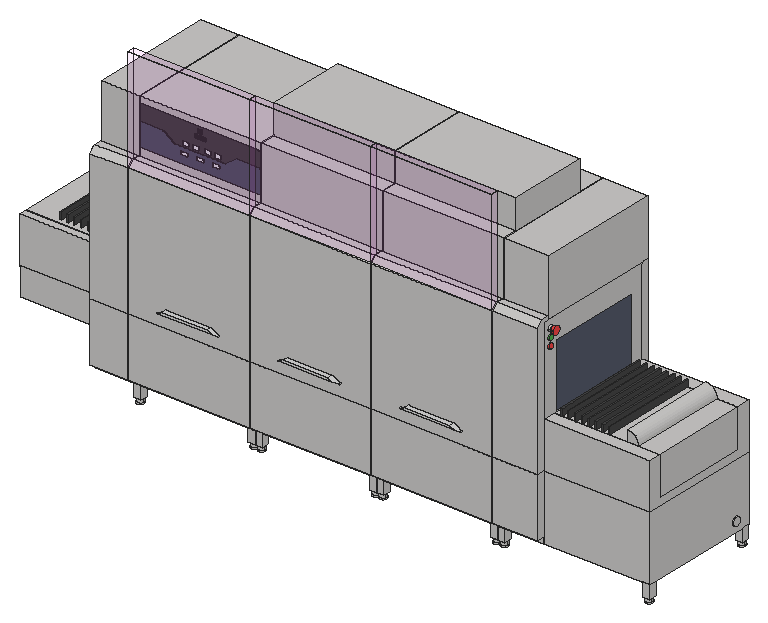
Revit family "QF_ELECTROLUXPROFESSIONAL_520039_EFTD052EL1U1D1M5EL385", category Attrezzature speciali, Revit 2020
Family settings
  Quota connettore circolare = Usa diametro
  Tipo di parte = Normale
  Basato su piano di lavoro = No
  Sempre verticale = Sì
  Taglio con vuoti quando caricato = No
  Condiviso = No
  Punto di calcolo locali = No
Parameters (values of type "Standard")
  Weight = 925.00 kg
  Watts = 42500 W
  Volts = 380 V
  URL Manufacturer = "https://www.electroluxprofessional.com/"
  URL = "https://www.electroluxprofessional.com/"
  Steam Supply Size = 0 mm
  Steam Supply Minimum Pressure = 0.0 Pa
  Steam Supply Maximum Pressure = 0.0 Pa
  Steam Consumption per Hour = 0
  Show Logo [instance] = yes
  Show Clearance [instance] = yes
  Refrigeration Suction Line Size = 0 mm
  Refrigeration Liquid Line Size = 0 mm
  Refrigerant Compressor Remote = yes
  Prospetto di default = 0 mm
  Produttore = "Electrolux Professional"
  Phase = 3
  Modello = "EFTD052EL1U1D1M5EL385"
  Length Actual = 4150 mm  # constant formula
  Item Number = "520039"
  Hot Water Size = 0 mm
  Height Actual = 1983 mm  # constant formula
  HP = "57 HP"
  Gas Size = 0 mm
  Gas KW = 0
  Gas Input Pressure = 0 W
  Direct Waste Size = 50.8 mm
  Descrizione = "FT, 1TANK, 5200D/H, EL., 750MM LOADING, 1000MM UNLOADING, 1DRYER, 55MM CONVEYOR,ESD,L>R,380V50HZ3P"
  Depth Actual = 946 mm  # constant formula
  Cycle = 50 Hz
  Condensate Return Size = 0 mm
  Compressed Air Volume = 0.0 L/s
  Compressed Air Size = 0 mm
  Compressed Air Pressure = 0.0 Pa
  Cold Water Size = 0 mm
  Accessory = yes
Reference planes
  plane 1 "Centro (Fronte/Retro)": y = 0
  plane 2: z = 0
  plane 3 "Centro (Sinistra/Destra)": x = 0
  plane 4: z = 115
Forms (mm)
  Extrusion 1, solid, material "QF_Finishes_Stainless Steel"
    sketch origin (432.404, 2, 1806.023) x (1, 0, 0) y (0, 0, 1)
      loop
        line (407.596, -163.023) -> (407.596, -183.023) -> (427.596, -183.023) -> (427.596, -163.023) -> (407.596, -163.023)
    from 0 to 2
  Extrusion 2, solid, material "QF_Finishes_Stainless Steel"
    sketch origin (4155.617, -934.464, 1290.159) x (0, 0, -1) y (0, -1, 0)
      loop
        circle (1102.159, -772.464) r 25
    from -9.383 to 5.617
  Extrusion 3, solid, material "QF_Finishes_Stainless Steel"
    sketch origin (1092.404, 2, 337.984) x (1, 0, 0) y (0, 0, 1)
      loop
        line (407.596, -163.023) -> (407.596, -183.023) -> (427.596, -183.023) -> (427.596, -163.023) -> (407.596, -163.023)
    from 0 to 2
  Extrusion 4, solid, material "QF_Finishes_Stainless Steel"
    sketch origin (897.841, 200.464, 109.383) x (1, 0, 0) y (0, 1, 0)
      loop
        circle (1102.159, -772.464) r 10
    from -9.383 to 5.617
Dimensions and locks
  plane 4 to level = 115 mm
  aligned and locked: level to plane 2
Nested families
  nested 1: "MODULO_CENTER_800_FAN" at (1933.563, -388.258, 0), Show Clearance <- "Show Clearance", type "MODULO_CENTER_800_FAN"
    with Show Logo yes, Show Clearance yes, R_L no, L_R yes
  nested 2: "MODULO_CENTER_800_FAN" at (2733.563, -388.258, 0), Show Clearance <- "Show Clearance", type "MODULO_CENTER_800_FAN"
    with Show Logo yes, Show Clearance yes, R_L no, L_R yes
  nested 3: "MODULO_CENTER_800" at (1133.563, -388.258, 0), Show Clearance <- "Show Clearance", type "MODULO_CENTER_800"
    with Show Logo yes, Show Clearance yes, R_L no, L_R yes
  nested 4: "MODULO_ENTRY_DISH_750" at (358.563, -388.258, 0), type "MODULO_ENTRY_DISH_750"
    with Show Logo yes, Show Clearance yes, R_L no, L_R yes
  nested 5: "MODULO_USCITA_DISH_1000" at (3508.563, -388.258, 0), type "MODULO_USCITA_DISH_1000"
    with Show Logo yes, Show Clearance yes, R_L yes, L_R no
  nested 6: "Piedino_Square_115H" at (4126.5, -73.5, 0) x (-1, 0, 0) z (0, 0, 1), type "Piedino_Square_115H"
  nested 7: "Piedino_Square_115H" at (4126.5, -838.5, 0) x (-1, 0, 0) z (0, 0, 1), type "Piedino_Square_115H"
  nested 8: "Piedino_Square_115H" at (3173.5, -73.5, 0) x (-1, 0, 0) z (0, 0, 1), type "Piedino_Square_115H"
  nested 9: "Piedino_Square_115H" at (3173.5, -838.5, 0) x (-1, 0, 0) z (0, 0, 1), type "Piedino_Square_115H"
  nested 10: "Piedino_Square_115H" at (1573.5, -838.5, 0), type "Piedino_Square_115H"
  nested 11: "Piedino_Square_115H" at (1573.5, -73.5, 0), type "Piedino_Square_115H"
  nested 12: "Piedino_Square_115H" at (2326.5, -838.5, 0), type "Piedino_Square_115H"
  nested 13: "Piedino_Square_115H" at (2326.5, -73.5, 0), type "Piedino_Square_115H"
  nested 14: "Piedino_Square_115H" at (2373.5, -838.5, 0) x (-1, 0, 0) z (0, 0, 1), type "Piedino_Square_115H"
  nested 15: "Piedino_Square_115H" at (2373.5, -73.5, 0) x (-1, 0, 0) z (0, 0, 1), type "Piedino_Square_115H"
  nested 16: "Piedino_Square_115H" at (3126.5, -838.5, 0) x (-1, 0, 0) z (0, 0, 1), type "Piedino_Square_115H"
  nested 17: "Piedino_Square_115H" at (3126.5, -73.5, 0) x (-1, 0, 0) z (0, 0, 1), type "Piedino_Square_115H"
  nested 18: "Piedino_Square_115H" at (773.5, -838.5, 0), type "Piedino_Square_115H"
  nested 19: "Piedino_Square_115H" at (773.5, -73.5, 0), type "Piedino_Square_115H"
  nested 20: "Piedino_Square_115H" at (1526.5, -838.5, 0), type "Piedino_Square_115H"
  nested 21: "Piedino_Square_115H" at (1526.5, -73.5, 0), type "Piedino_Square_115H"
  nested 22: "MANIGLIA_FLIGHT_400" at (1150, -912, 639.28) x (1, 0, 0) z (0, -1, 0), type "MANIGLIA_FLIGHT_400"
  nested 23: "MANIGLIA_FLIGHT_400" at (2750, -912, 639.28) x (1, 0, 0) z (0, -1, 0), type "MANIGLIA_FLIGHT_400"
  nested 24: "MANIGLIA_FLIGHT_400" at (1950, -912, 639.28) x (1, 0, 0) z (0, -1, 0), type "MANIGLIA_FLIGHT_400"
  nested 25: "Schermo_Flight_800" at (1150, -815, 1595.4) x (1, 0, 0) z (0, -1, 0), type "Schermo_Flight_800"
  nested 26: "ELX_LOGO_WORDS_WHITE" at (1150, -816.6, 1685.4) x (1, 0, 0) z (0, -1, 0), Show Logo <- "Show Logo", visible <- "Show Logo", type "ELX_LOGO_WORDS_WHITE"
    with Show Logo yes
  nested 27: "ELX_LOGO_MONO_SMALL_WHITE" at (1140.08, -816.6, 1671.4) x (-1, 0, 0) z (0, -1, 0), Show Logo <- "Show Logo", visible <- "Show Logo", type "ELX_LOGO_MONO_SMALL_WHITE"
    with Show Logo yes
Connectors
  electrical at (850, 2, 1633)
    settings: on Extrusion 1, index 69, voltage 0 V, apparent load 0 VA, apparent load phase1 0 VA, apparent load phase2 0 VA, apparent load phase3 0 VA, power factor 1, load classification "Altro", number of poles 1, system type 30, power factor state 1, is connector primary yes, connector utility no, sub classification motor no, connector description "EI"
  piping at (4165, -162, 188), diameter 50
    settings: on Extrusion 2, index 70, connector inside diameter 609.6 mm, connector length 0 mm, flow factor 0, pipe flow 0.0 L/s, pressure drop 0.0 Pa, fitting loss kfactor 0, connector angle 0.00°, fixture units 0, engagement length 0 mm, angle of deflection 0.00°, flow configuration 0, flow direction 0, fitting loss method 0, system type 29, joint type 0, gender type 0, connector reference index -1, connector utility 0, adjustable connector no, is connector primary yes, connector description "D"
  electrical at (1510, 2, 164.961)
    settings: on Extrusion 3, index 71, voltage 0 V, apparent load 0 VA, apparent load phase1 0 VA, apparent load phase2 0 VA, apparent load phase3 0 VA, power factor 1, load classification "Altro", number of poles 1, system type 30, power factor state 1, is connector primary no, connector utility no, sub classification motor no, connector description "EQ"
  piping at (2000, -572, 100), diameter 19.1
    settings: on Extrusion 4, index 72, connector inside diameter 609.6 mm, connector length 0 mm, flow factor 0, pipe flow 0.0 L/s, pressure drop 0.0 Pa, fitting loss kfactor 0, connector angle 0.00°, fixture units 0, engagement length 0 mm, angle of deflection 0.00°, flow configuration 0, flow direction 0, fitting loss method 0, system type 29, joint type 0, gender type 0, connector reference index -1, connector utility 0, adjustable connector no, is connector primary no, connector description "HWI/CWI"
Definition of nested family "MODULO_CENTER_800_FAN"
  Parameters (values of type "MODULO_CENTER_800_FAN")
    URL = "http://professional.electrolux.com"
    Show Logo [instance] = yes
    R_L [instance] = not(L_R)  # no
    Default Elevation = 0 mm
    Manufacturer = "Electrolux"
    Model = "ESR10E5"
    Length Actual = 800 mm
    Show Clearance [instance] = yes
    L_R [instance] = yes
    Height Actual = 1792 mm
    Description = "SINGLE RINSE RT, 100R/H, ELECTRIC 50HZ"
    Depth Actual = 912 mm
  Reference planes
    plane 1 "Center X": y = -67.742
    plane 2: z = 0
    plane 3 "LEFT": x = -383.563
    plane 4 "RIGHT": x = 416.437
    plane 5 "BACK": y = 388.258
    plane 6 "FEET": z = 115
    plane 7: z = 2092
    plane 8 "TOP": z = 1792
    plane 9 "FRONT": y = -523.742
    plane 10 "Left/Right": x = 16.437
    plane 11 "TopVent": z = 1983
  Forms (mm)
    Extrusion 1, solid
      sketch origin (416.437, 479.936, 4000) x (0, 1, 0) y (0, 0, 1)
        loop
          line (-91.678, -2208) -> (-906.678, -2208) -> (-906.678, -2580) -> (-91.678, -2580) -> (-91.678, -2208)
      from -800 to 0
    Extrusion 2, solid
      sketch origin (-383.563, 437.565, 3910) x (0, 1, 0) y (0, 0, 1)
        loop
          line (-99.307, -2490) -> (-911.307, -2490) -> (-911.307, -3552) -> (-99.307, -3552) -> (-99.307, -2490)
      from 800 to 0
    Extrusion 3, solid
      sketch origin (416.437, 479.936, 4299) x (0, 1, 0) y (0, 0, 1)
        loop
          line (-278.21, -2316) -> (-803.678, -2316) -> (-803.678, -2507) -> (-278.21, -2507) -> (-278.21, -2316)
      from -800 to 0
    Extrusion 4, solid
      sketch origin (16.437, 0, 1.5) x (0, 0, 1) y (0, -1, 0)
        loop
          line (356.5, -338.258) -> (356.5, 473.742) -> (113.5, 473.742) -> (113.5, -338.258) -> (356.5, -338.258)
      from 400 to -400
    Extrusion 5, solid
      sketch origin (16.437, 0, 0) x (0, 0, 1) y (0, -1, 0)
        loop
          line (1420, -338.258) -> (545, -338.258) -> (545, -388.258) -> (1420, -388.258) -> (1420, -338.258)
      from -400 to 400
    Extrusion 6, solid
      sketch origin (16.437, 0, 0) x (0, 0, 1) y (0, -1, 0)
        loop
          line (545, -388.258) -> (545, -338.258) -> (154, -338.258) -> (154, -388.258) -> (545, -388.258)
      from -400 to 400
    Extrusion 7, solid
      sketch origin (16.437, -882.484, -150) x (0, -1, 0) y (0, 0, 1)
        loop
          line (-358.742, 304) -> (-358.742, 695) -> (-408.742, 695) -> (-408.742, 304) -> (-358.742, 304)
      from -400 to 400
    Extrusion 8, solid
      sketch origin (16.437, -882.484, -151) x (0, -1, 0) y (0, 0, 1)
        loop
          line (-408.742, 1571) -> (-408.742, 696) -> (-358.742, 696) -> (-358.742, 1556) -> (-395.742, 1593) -> (-443.742, 1593) -> (-443.742, 1571) -> (-408.742, 1571)
      from -400 to 400
    Extrusion 9, solid, visible <- "Show Clearance"
      sketch origin (16.437, -882.484, 452) x (0, -1, 0) y (0, 0, 1)
        loop
          line (-408.742, 1640) -> (-408.742, 953.624) -> (-358.742, 953.624) -> (-358.742, 1640) -> (-408.742, 1640)
      from -400 to 400
  Dimensions and locks
    plane 3 "LEFT" to plane 4 "RIGHT" = 800 mm
    plane 5 "BACK" to plane 1 "Center X" to plane 9 "FRONT" = 456 mm, 456 mm
    plane 6 "FEET" to level = 115 mm  (x2)
    plane 6 "FEET" to plane 8 "TOP" = 1677 mm
    plane 5 "BACK" to plane 9 "FRONT" = 912 mm  (x2)
    plane 4 "RIGHT" to plane 3 "LEFT" = 800 mm
    plane 9 "FRONT" to plane 5 "BACK" = 912 mm
    level to plane 8 "TOP" = 1792 mm  (x2)
    plane 7 to level = 2092 mm
    plane 11 "TopVent" to plane 2 = 1983 mm
    plane 7 to plane 2 = 2092 mm
    Extrusion 2 to level = 1420 mm
    Extrusion 8 to level = 1442 mm
    plane 11 "TopVent" to level = 1983 mm
    aligned and locked: level to plane 2
Definition of nested family "MODULO_CENTER_800"
  Parameters (values of type "MODULO_CENTER_800")
    URL = "http://professional.electrolux.com"
    Show Logo [instance] = yes
    R_L [instance] = not(L_R)  # no
    Default Elevation = 0 mm
    Manufacturer = "Electrolux"
    Model = "ESR10E5"
    Length Actual = 800 mm
    Show Clearance [instance] = yes
    L_R [instance] = yes
    Height Actual = 1792 mm
    Description = "SINGLE RINSE RT, 100R/H, ELECTRIC 50HZ"
    Depth Actual = 912 mm
  Reference planes
    plane 1 "Center X": y = -67.742
    plane 2: z = 0
    plane 3 "LEFT": x = -383.563
    plane 4 "RIGHT": x = 416.437
    plane 5 "BACK": y = 388.258
    plane 6 "FEET": z = 115
    plane 7: z = 2092
    plane 8 "TOP": z = 1792
    plane 9 "FRONT": y = -523.742
    plane 10 "Left/Right": x = 16.437
  Forms (mm)
    Extrusion 1, solid
      sketch origin (416.437, 479.936, 4000) x (0, 1, 0) y (0, 0, 1)
        loop
          line (-91.678, -2208) -> (-906.678, -2208) -> (-906.678, -2580) -> (-91.678, -2580) -> (-91.678, -2208)
      from -800 to 0
    Extrusion 2, solid
      sketch origin (-383.563, 437.565, 3915) x (0, 1, 0) y (0, 0, 1)
        loop
          line (-99.307, -2495) -> (-911.307, -2495) -> (-911.307, -3557) -> (-99.307, -3557) -> (-99.307, -2495)
      from 800 to 0
    Extrusion 3, solid
      sketch origin (16.437, 0, 1.5) x (0, 0, 1) y (0, -1, 0)
        loop
          line (356.5, -338.258) -> (356.5, 473.742) -> (113.5, 473.742) -> (113.5, -338.258) -> (356.5, -338.258)
      from 400 to -400
    Extrusion 4, solid
      sketch origin (16.437, 0, 0) x (0, 0, 1) y (0, -1, 0)
        loop
          line (1420, -338.258) -> (545, -338.258) -> (545, -388.258) -> (1420, -388.258) -> (1420, -338.258)
      from -400 to 400
    Extrusion 5, solid
      sketch origin (16.437, 0, 0) x (0, 0, 1) y (0, -1, 0)
        loop
          line (545, -388.258) -> (545, -338.258) -> (154, -338.258) -> (154, -388.258) -> (545, -388.258)
      from -400 to 400
    Extrusion 6, solid
      sketch origin (16.437, -882.484, -150) x (0, -1, 0) y (0, 0, 1)
        loop
          line (-358.742, 304) -> (-358.742, 695) -> (-408.742, 695) -> (-408.742, 304) -> (-358.742, 304)
      from -400 to 400
    Extrusion 7, solid
      sketch origin (16.437, -882.484, -151) x (0, -1, 0) y (0, 0, 1)
        loop
          line (-408.742, 1571) -> (-408.742, 696) -> (-358.742, 696) -> (-358.742, 1556) -> (-395.742, 1593) -> (-443.742, 1593) -> (-443.742, 1571) -> (-408.742, 1571)
      from -400 to 400
    Extrusion 8, solid, visible <- "Show Clearance"
      sketch origin (16.437, -882.484, 452) x (0, -1, 0) y (0, 0, 1)
        loop
          line (-408.742, 1640) -> (-408.742, 953.624) -> (-358.742, 953.624) -> (-358.742, 1640) -> (-408.742, 1640)
      from -400 to 400
  Dimensions and locks
    plane 3 "LEFT" to plane 4 "RIGHT" = 800 mm
    plane 5 "BACK" to plane 1 "Center X" to plane 9 "FRONT" = 456 mm, 456 mm
    plane 6 "FEET" to level = 115 mm  (x2)
    plane 6 "FEET" to plane 8 "TOP" = 1677 mm
    plane 5 "BACK" to plane 9 "FRONT" = 912 mm  (x2)
    plane 4 "RIGHT" to plane 3 "LEFT" = 800 mm
    plane 9 "FRONT" to plane 5 "BACK" = 912 mm
    level to plane 8 "TOP" = 1792 mm  (x2)
    plane 7 to level = 2092 mm
    plane 7 to plane 2 = 2092 mm
    Extrusion 2 to level = 1420 mm
    Extrusion 7 to level = 1442 mm
    aligned and locked: level to plane 2
Definition of nested family "MODULO_ENTRY_DISH_750"
  Parameters (values of type "MODULO_ENTRY_DISH_750")
    URL = "http://professional.electrolux.com"
    Show Logo [instance] = yes
    R_L [instance] = not(L_R)  # no
    Default Elevation = 0 mm
    Manufacturer = "Electrolux"
    Model = "ESR10E5"
    Length Actual = 800 mm
    Show Clearance [instance] = yes
    L_R [instance] = yes
    Height Actual = 1792 mm
    Description = "SINGLE RINSE RT, 100R/H, ELECTRIC 50HZ"
    Depth Actual = 912 mm
  Reference planes
    plane 1 "Center (Front/Back)": y = -67.742
    plane 2: z = 0
    plane 3 "LEFT": x = -358.563
    plane 4 "RIGHT": x = 391.437
    plane 5 "BACK": y = 388.258
    plane 6 "FRONT": y = -523.742
    plane 7 "Left/Right": x = 16.437
    plane 8 "BUTTONS": y = -427.742
    plane 9: z = 115
    plane 10 "2": y = 292.258
  Forms (mm)
    Extrusion 1, solid, visible <- "L_R"
      sketch origin (391.437, 479.936, 4000) x (0, 1, 0) y (0, 0, 1)
        loop
          line (-91.678, -2208) -> (-906.678, -2208) -> (-906.678, -2580) -> (-91.678, -2580) -> (-91.678, -2208)
      from -250 to 0
    Extrusion 2, solid
      sketch origin (-358.563, 437.565, 3910) x (0, 1, 0) y (0, 0, 1)
        loop
          line (-99.307, -2490) -> (-911.307, -2490) -> (-911.307, -3552) -> (-99.307, -3552) -> (-99.307, -2490)
      from 750 to 500
    Extrusion 3, solid
      sketch origin (-358.563, 437.565, 3910) x (0, 1, 0) y (0, 0, 1)
        loop
          line (-99.307, -3365) -> (-99.307, -3060) -> (-149.307, -3060) -> (-149.307, -3315) -> (-861.307, -3315) -> (-861.307, -3060) -> (-911.307, -3060) -> (-911.307, -3365) -> (-99.307, -3365)
      from 500 to 0
    Extrusion 4, solid
      sketch origin (16.437, 0, -4.987) x (0, 0, 1) y (0, -1, 0)
        loop
          line (362.987, -338.258) -> (362.987, 473.742) -> (119.987, 473.742) -> (119.987, -338.258) -> (362.987, -338.258)
      from 375 to 125
    Extrusion 5, solid, visible <- "L_R"
      sketch origin (16.437, 0, 0) x (0, 0, 1) y (0, -1, 0)
        loop
          line (1420, -338.258) -> (545, -338.258) -> (545, -388.258) -> (1420, -388.258) -> (1420, -338.258)
      from 125 to 375
    Extrusion 6, solid
      sketch origin (16.437, 0, 0) x (0, 0, 1) y (0, -1, 0)
        loop
          line (545, -388.258) -> (545, -338.258) -> (154, -338.258) -> (154, -388.258) -> (545, -388.258)
      from 125 to 375
    Extrusion 7, solid
      sketch origin (-358.563, 437.565, 3607.258) x (0, 1, 0) y (0, 0, 1)
        loop
          line (-99.307, -3249.258) -> (-99.307, -3062.258) -> (-911.307, -3062.258) -> (-911.307, -3249.258) -> (-99.307, -3249.258)
      from 500 to 0
    Extrusion 8, solid
      sketch origin (-358.563, 437.565, 4000) x (0, 1, 0) y (0, 0, 1)
        loop
          line (-149.307, -3150) -> (-861.307, -3150) -> (-861.307, -3405) -> (-149.307, -3405) -> (-149.307, -3150)
      from 0 to 500
    Extrusion 9, solid
      sketch origin (266.437, -882.484, -150) x (0, -1, 0) y (0, 0, 1)
        loop
          line (-358.742, 304) -> (-358.742, 695) -> (-408.742, 695) -> (-408.742, 304) -> (-358.742, 304)
      from -125 to 125
    Extrusion 10, solid, visible <- "L_R"
      sketch origin (266.437, -882.484, -151) x (0, -1, 0) y (0, 0, 1)
        loop
          line (-408.742, 1571) -> (-408.742, 696) -> (-358.742, 696) -> (-358.742, 1556) -> (-395.742, 1593) -> (-443.742, 1593) -> (-443.742, 1571) -> (-408.742, 1571)
      from -125 to 125
    Extrusion 11, solid
      sketch origin (-358.563, 437.565, 4000) x (0, 1, 0) y (0, 0, 1)
        loop
          line (-199.307, -2725.701) -> (-811.307, -2725.701) -> (-811.307, -3137.701) -> (-199.307, -3137.701) -> (-199.307, -2725.701)
      from 495.458 to 500
    Extrusion 12, solid, visible <- "R_L"
      sketch origin (266.437, 747, -151) x (0, 1, 0) y (0, 0, -1)
        loop
          line (-408.742, -1571) -> (-443.742, -1571) -> (-443.742, -1593) -> (-395.742, -1593) -> (-358.742, -1556) -> (-358.742, -696) -> (-408.742, -696) -> (-408.742, -1571)
      from -125 to 125
    Extrusion 13, solid, visible <- "R_L"
      sketch origin (16.437, -135.484, 0) x (0, 0, 1) y (0, -1, 0)
        loop
          line (1420, 338.258) -> (1420, 388.258) -> (545, 388.258) -> (545, 338.258) -> (1420, 338.258)
      from 125 to 375
    Extrusion 14, solid, visible <- "R_L"
      sketch origin (391.437, -615.42, 4000) x (0, -1, 0) y (0, 0, -1)
        loop
          line (-91.678, 2208) -> (-91.678, 2580) -> (-906.678, 2580) -> (-906.678, 2208) -> (-91.678, 2208)
      from -250 to 0
    Extrusion 15, solid
      sketch origin (-191.477, -192.742, -3) x (-1, 0, 0) y (0, 0, 1)
        loop
          line (-26.676, 853) -> (-26.676, 898) -> (-36.676, 898) -> (-36.676, 853) -> (-26.676, 853)
      from -196 to 446
    Extrusion 16, solid
      sketch origin (-146.477, -192.742, -3) x (-1, 0, 0) y (0, 0, 1)
        loop
          line (-26.676, 853) -> (-26.676, 898) -> (-36.676, 898) -> (-36.676, 853) -> (-26.676, 853)
      from -196 to 446
    Extrusion 17, solid
      sketch origin (-101.477, -192.742, -3) x (-1, 0, 0) y (0, 0, 1)
        loop
          line (-26.676, 853) -> (-26.676, 898) -> (-36.676, 898) -> (-36.676, 853) -> (-26.676, 853)
      from -196 to 446
    Extrusion 18, solid
      sketch origin (-56.477, -192.742, -3) x (-1, 0, 0) y (0, 0, 1)
        loop
          line (-26.676, 853) -> (-26.676, 898) -> (-36.676, 898) -> (-36.676, 853) -> (-26.676, 853)
      from -196 to 446
    Extrusion 19, solid
      sketch origin (-11.477, -192.742, -3) x (-1, 0, 0) y (0, 0, 1)
        loop
          line (-26.676, 853) -> (-26.676, 898) -> (-36.676, 898) -> (-36.676, 853) -> (-26.676, 853)
      from -196 to 446
    Extrusion 20, solid
      sketch origin (33.523, -192.742, -3) x (-1, 0, 0) y (0, 0, 1)
        loop
          line (-26.676, 853) -> (-26.676, 898) -> (-36.676, 898) -> (-36.676, 853) -> (-26.676, 853)
      from -196 to 446
  Dimensions and locks
    plane 3 "LEFT" to plane 4 "RIGHT" = 750 mm
    plane 5 "BACK" to plane 1 "Center (Front/Back)" to plane 6 "FRONT" = 456 mm, 456 mm
    plane 5 "BACK" to plane 6 "FRONT" = 912 mm  (x2)
    plane 4 "RIGHT" to plane 3 "LEFT" = 750 mm  (x2)
    plane 6 "FRONT" to plane 5 "BACK" = 912 mm
    plane 9 to level = 115 mm
    Extrusion 1 to level = 1792 mm
    Extrusion 3 to level = 850 mm
    aligned and locked: level to plane 2
  Nested families
    nested 1: "BOTTONE_RED_STOP" at (141.437, -427.742, 1266.906) x (0, -1, 0) z (-1, 0, 0), visible <- "L_R", type "BOTTONE_RED_STOP"
    nested 2: "BOTTONE_EMERGENCY_STOP" at (141.437, -427.742, 1370) x (0, -1, 0) z (-1, 0, 0), visible <- "L_R", type "BOTTONE_EMERGENCY_STOP"
    nested 3: "BOTTONE_GREEN_START" at (141.437, -427.742, 1316.906) x (0, -1, 0) z (-1, 0, 0), visible <- "L_R", type "BOTTONE_GREEN_START"
    nested 4: "BOTTONE_RED_STOP" at (141.437, 292.258, 1267.906) x (0, 1, 0) z (-1, 0, 0), visible <- "R_L", type "BOTTONE_RED_STOP"
    nested 5: "BOTTONE_EMERGENCY_STOP" at (141.437, 292.258, 1371) x (0, 1, 0) z (-1, 0, 0), visible <- "R_L", type "BOTTONE_EMERGENCY_STOP"
    nested 6: "BOTTONE_GREEN_START" at (141.437, 292.258, 1317.906) x (0, 1, 0) z (-1, 0, 0), visible <- "R_L", type "BOTTONE_GREEN_START"
  Definition of nested family "BOTTONE_RED_STOP"
    Parameters (values of type "BOTTONE_RED_STOP")
      Default Elevation = 1219.2 mm
    Reference planes
      plane 1 "Centro (Fronte/Retro)": y = 0
      plane 2: z = 0
      plane 3 "Centro (Sinistra/Destra)": x = 0
    Forms (mm)
      Extrusion 1, solid
        sketch origin (0, 0, 0) x (1, 0, 0) y (0, 1, 0)
          loop
            line (-1219.2, 1219.2) -> (-1219.2, -1219.2) -> (1219.2, -1219.2) -> (1219.2, 1219.2) -> (-1219.2, 1219.2)
        from 0 to -304.8
      Extrusion 2, solid
        sketch origin (-367.513, 69.533, 15) x (-1, 0, 0) y (0, 1, 0)
          loop
            circle (-367.513, -69.533) r 15
        from 0 to 15
    Dimensions and locks
      aligned and locked: plane 2 to Extrusion 1
      aligned and locked: level to Extrusion 1
  Definition of nested family "BOTTONE_EMERGENCY_STOP"
    Parameters
      Default Elevation = 1219.2 mm
    Reference planes
      plane 1 "Centro (Fronte/Retro)": y = 0
      plane 2: z = 0
      plane 3 "Centro (Sinistra/Destra)": x = 0
    Forms (mm)
      Extrusion 1, solid
        sketch origin (0, 0, 0) x (1, 0, 0) y (0, 1, 0)
          loop
            line (-1219.2, 1219.2) -> (-1219.2, -1219.2) -> (1219.2, -1219.2) -> (1219.2, 1219.2) -> (-1219.2, 1219.2)
        from 0 to -304.8
      Extrusion 2, solid
        sketch origin (0, 0, 0) x (1, 0, 0) y (0, 1, 0)
          loop
            circle (0, 0) r 15
        from 0 to 20.273
      Blend 3, solid
        base sketch origin (-49.801, 0, 0) x (1, 0, 0) y (0, 1, 0)
          loop
            circle (49.801, 0) r 15
        top sketch origin (-49.801, 0, 0) x (1, 0, 0) y (0, 1, 0)
          loop
            circle (49.801, 0) r 25
        from 20.273 to 47.605
    Dimensions and locks
      aligned and locked: plane 2 to Extrusion 1
      aligned and locked: level to Extrusion 1
  Definition of nested family "BOTTONE_GREEN_START"
    Parameters (values of type "BOTTONE_GREEN_START")
      Default Elevation = 1219.2 mm
    Reference planes
      plane 1 "Centro (Fronte/Retro)": y = 0
      plane 2: z = 0
      plane 3 "Centro (Sinistra/Destra)": x = 0
    Forms (mm)
      Extrusion 1, solid
        sketch origin (0, 0, 0) x (1, 0, 0) y (0, 1, 0)
          loop
            line (-1219.2, 1219.2) -> (-1219.2, -1219.2) -> (1219.2, -1219.2) -> (1219.2, 1219.2) -> (-1219.2, 1219.2)
        from 0 to -304.8
      Extrusion 2, solid
        sketch origin (-367.513, 69.533, 15) x (-1, 0, 0) y (0, 1, 0)
          loop
            circle (-367.513, -69.533) r 15
        from 0 to 15
    Dimensions and locks
      aligned and locked: plane 2 to Extrusion 1
      aligned and locked: level to Extrusion 1
Definition of nested family "MODULO_USCITA_DISH_1000"
  Parameters (values of type "MODULO_USCITA_DISH_1000")
    URL = "http://professional.electrolux.com"
    Show Logo [instance] = yes
    R_L [instance] = not(L_R)  # yes
    Default Elevation = 0 mm
    Manufacturer = "Electrolux"
    Model = "ESR10E5"
    Length Actual = 800 mm
    Show Clearance [instance] = yes
    L_R [instance] = no
    Height Actual = 1792 mm
    Description = "SINGLE RINSE RT, 100R/H, ELECTRIC 50HZ"
    Depth Actual = 912 mm
  Reference planes
    plane 1 "Center (Front/Back)": y = -67.742
    plane 2: z = 0
    plane 3 "LEFT": x = -358.563
    plane 4 "BACK": y = 388.258
    plane 5 "FEET": z = 115
    plane 6 "TOP": z = 1792
    plane 7 "FRONT": y = -523.742
    plane 8 "Left/Right": x = 16.437
    plane 9: x = -358.563
    plane 10: y = -427.742
    plane 11 "RIGHT": x = 641.437
  Forms (mm)
    Extrusion 1, solid, visible <- "R_L"
      sketch origin (-358.563, 479.936, 4003) x (0, 1, 0) y (0, 0, -1)
        loop
          line (-91.678, 2211) -> (-91.678, 2583) -> (-906.678, 2583) -> (-906.678, 2211) -> (-91.678, 2211)
      from -300 to 0
    Extrusion 2, solid
      sketch origin (-358.563, 437.565, 4003) x (0, 1, 0) y (0, 0, 1)
        loop
          line (-99.307, -3458) -> (-911.307, -3458) -> (-911.307, -3888) -> (-99.307, -3888) -> (-99.307, -3458)
      from 300 to 0
    Extrusion 3, solid
      sketch origin (-358.563, 479.936, 4003) x (0, 1, 0) y (0, 0, -1)
        loop
          line (-141.678, 2583) -> (-141.678, 3458) -> (-953.678, 3458) -> (-953.678, 2583) -> (-141.678, 2583)
      from -300 to 0
    Extrusion 4, solid
      sketch origin (391.437, 437.565, 3913) x (0, 1, 0) y (0, 0, -1)
        loop
          line (-99.307, 3368) -> (-911.307, 3368) -> (-911.307, 3063) -> (-826.307, 3063) -> (-826.307, 3318) -> (-184.307, 3318) -> (-184.307, 3063) -> (-99.307, 3063) -> (-99.307, 3368)
      from 450 to -250
    Extrusion 5, solid, visible <- "R_L"
      sketch origin (16.437, 0, 3) x (0, 0, 1) y (0, 1, 0)
        loop
          line (1417, 338.258) -> (1417, 388.258) -> (542, 388.258) -> (542, 338.258) -> (1417, 338.258)
      from 75 to 375
    Extrusion 6, solid
      sketch origin (16.437, 0, 3) x (0, 0, 1) y (0, 1, 0)
        loop
          line (542, 388.258) -> (151, 388.258) -> (151, 338.258) -> (542, 338.258) -> (542, 388.258)
      from 75 to 375
    Extrusion 7, solid
      sketch origin (391.437, 437.565, 3610.258) x (0, 1, 0) y (0, 0, -1)
        loop
          line (-99.307, 3495.258) -> (-911.307, 3495.258) -> (-911.307, 3065.258) -> (-99.307, 3065.258) -> (-99.307, 3495.258)
      from 450 to -250
    Extrusion 8, solid
      sketch origin (641.437, 0, 3) x (0, 1, 0) y (0, 0, 1)
        loop
          line (253.258, 847) -> (-388.742, 847) -> (-388.742, 592) -> (253.258, 592) -> (253.258, 847)
      from 0 to -700
    Extrusion 9, solid
      sketch origin (-358.563, 437.565, 3928) x (0, 1, 0) y (0, 0, 1)
        loop
          line (-811.307, -3065.701) -> (-199.307, -3065.701) -> (-199.307, -2653.701) -> (-811.307, -2653.701) -> (-811.307, -3065.701)
      from 300 to 304.77
    Extrusion 10, solid
      sketch origin (-208.563, -115, -147) x (0, 1, 0) y (0, 0, 1)
        loop
          line (-358.742, 301) -> (-358.742, 692) -> (-408.742, 692) -> (-408.742, 301) -> (-358.742, 301)
      from -150 to 150
    Extrusion 11, solid, visible <- "R_L"
      sketch origin (-208.563, -882.484, -151) x (0, -1, 0) y (0, 0, 1)
        loop
          line (-408.742, 1571) -> (-408.742, 696) -> (-358.742, 696) -> (-358.742, 1556) -> (-395.742, 1593) -> (-443.742, 1593) -> (-443.742, 1571) -> (-408.742, 1571)
      from -150 to 150
    Extrusion 12, solid
      sketch origin (-39.574, -192.742, -3) x (-1, 0, 0) y (0, 0, 1)
        loop
          line (-26.676, 853) -> (-26.676, 898) -> (-36.676, 898) -> (-36.676, 853) -> (-26.676, 853)
      from -196 to 446
    Extrusion 13, solid
      sketch origin (5.426, -192.742, -3) x (-1, 0, 0) y (0, 0, 1)
        loop
          line (-26.676, 853) -> (-26.676, 898) -> (-36.676, 898) -> (-36.676, 853) -> (-26.676, 853)
      from -196 to 446
    Extrusion 14, solid
      sketch origin (50.426, -192.742, -3) x (-1, 0, 0) y (0, 0, 1)
        loop
          line (-26.676, 853) -> (-26.676, 898) -> (-36.676, 898) -> (-36.676, 853) -> (-26.676, 853)
      from -196 to 446
    Extrusion 15, solid
      sketch origin (95.426, -192.742, -3) x (-1, 0, 0) y (0, 0, 1)
        loop
          line (-26.676, 853) -> (-26.676, 898) -> (-36.676, 898) -> (-36.676, 853) -> (-26.676, 853)
      from -196 to 446
    Extrusion 16, solid
      sketch origin (140.426, -192.742, -3) x (-1, 0, 0) y (0, 0, 1)
        loop
          line (-26.676, 853) -> (-26.676, 898) -> (-36.676, 898) -> (-36.676, 853) -> (-26.676, 853)
      from -196 to 446
    Extrusion 17, solid
      sketch origin (185.426, -192.742, -3) x (-1, 0, 0) y (0, 0, 1)
        loop
          line (-26.676, 853) -> (-26.676, 898) -> (-36.676, 898) -> (-36.676, 853) -> (-26.676, 853)
      from -196 to 446
    Extrusion 18, solid
      sketch origin (230.426, -192.742, -3) x (-1, 0, 0) y (0, 0, 1)
        loop
          line (-26.676, 853) -> (-26.676, 898) -> (-36.676, 898) -> (-36.676, 853) -> (-26.676, 853)
      from -196 to 446
    Extrusion 19, solid
      sketch origin (275.426, -192.742, -3) x (-1, 0, 0) y (0, 0, 1)
        loop
          line (-26.676, 853) -> (-26.676, 898) -> (-36.676, 898) -> (-36.676, 853) -> (-26.676, 853)
      from -196 to 446
    Revolve 20, solid
      sketch origin (0, 0, 850) x (1, 0, 0) y (0, 1, 0)
        loop
          line (430.204, 253.258) -> (430.204, -388.742) -> (502.335, -388.742) -> (502.335, 253.258) -> (430.204, 253.258)
        axis (430.204, 253.258) -> (430.204, -388.742)
      angle from 0 to -90
    Extrusion 21, solid, visible <- "L_R"
      sketch origin (-208.563, 747, -151) x (0, 1, 0) y (0, 0, -1)
        loop
          line (-408.742, -1571) -> (-443.742, -1571) -> (-443.742, -1593) -> (-395.742, -1593) -> (-358.742, -1556) -> (-358.742, -696) -> (-408.742, -696) -> (-408.742, -1571)
      from -150 to 150
    Extrusion 22, solid, visible <- "L_R"
      sketch origin (16.437, -135.484, 3) x (0, 0, 1) y (0, 1, 0)
        loop
          line (1417, -338.258) -> (542, -338.258) -> (542, -388.258) -> (1417, -388.258) -> (1417, -338.258)
      from 75 to 375
    Extrusion 23, solid, visible <- "L_R"
      sketch origin (-358.563, -615.42, 4003) x (0, -1, 0) y (0, 0, 1)
        loop
          line (-91.678, -2211) -> (-906.678, -2211) -> (-906.678, -2583) -> (-91.678, -2583) -> (-91.678, -2211)
      from -300 to 0
  Dimensions and locks
    plane 4 "BACK" to plane 1 "Center (Front/Back)" to plane 7 "FRONT" = 456 mm, 456 mm
    plane 5 "FEET" to level = 115 mm  (x2)
    plane 4 "BACK" to plane 7 "FRONT" = 912 mm  (x2)
    plane 7 "FRONT" to plane 4 "BACK" = 912 mm
    level to plane 6 "TOP" = 1792 mm
    plane 3 "LEFT" to plane 8 "Left/Right" = 375 mm
    plane 8 "Left/Right" to plane 11 "RIGHT" = 625 mm
    plane 3 "LEFT" to plane 11 "RIGHT" = 1000 mm
    plane 9 to plane 11 "RIGHT" = 1000 mm
    plane 6 "TOP" to level = 1792 mm
    aligned and locked: level to plane 2
  Nested families
    nested 1: "BOTTONE_EMERGENCY_STOP" at (-58.563, -427.742, 1369) x (0, -1, 0) z (1, 0, 0), visible <- "R_L", type "BOTTONE_EMERGENCY_STOP"
    nested 2: "BOTTONE_GREEN_START" at (-58.563, -427.742, 1315.906) x (0, -1, 0) z (1, 0, 0), visible <- "R_L", type "BOTTONE_GREEN_START"
    nested 3: "BOTTONE_RED_STOP" at (-58.563, -427.742, 1265.906) x (0, -1, 0) z (1, 0, 0), visible <- "R_L", type "BOTTONE_RED_STOP"
    nested 4: "BOTTONE_EMERGENCY_STOP" at (-58.563, 292.258, 1369) x (0, 1, 0) z (1, 0, 0), visible <- "L_R", type "BOTTONE_EMERGENCY_STOP"
    nested 5: "BOTTONE_GREEN_START" at (-58.563, 292.258, 1315.906) x (0, 1, 0) z (1, 0, 0), visible <- "L_R", type "BOTTONE_GREEN_START"
    nested 6: "BOTTONE_RED_STOP" at (-58.563, 292.258, 1265.906) x (0, 1, 0) z (1, 0, 0), visible <- "L_R", type "BOTTONE_RED_STOP"
  Definition of nested family "BOTTONE_EMERGENCY_STOP"
    Parameters
      Default Elevation = 1219.2 mm
    Reference planes
      plane 1 "Centro (Fronte/Retro)": y = 0
      plane 2: z = 0
      plane 3 "Centro (Sinistra/Destra)": x = 0
    Forms (mm)
      Extrusion 1, solid
        sketch origin (0, 0, 0) x (1, 0, 0) y (0, 1, 0)
          loop
            line (-1219.2, 1219.2) -> (-1219.2, -1219.2) -> (1219.2, -1219.2) -> (1219.2, 1219.2) -> (-1219.2, 1219.2)
        from 0 to -304.8
      Extrusion 2, solid
        sketch origin (0, 0, 0) x (1, 0, 0) y (0, 1, 0)
          loop
            circle (0, 0) r 15
        from 0 to 20.273
      Blend 3, solid
        base sketch origin (-49.801, 0, 0) x (1, 0, 0) y (0, 1, 0)
          loop
            circle (49.801, 0) r 15
        top sketch origin (-49.801, 0, 0) x (1, 0, 0) y (0, 1, 0)
          loop
            circle (49.801, 0) r 25
        from 20.273 to 47.605
    Dimensions and locks
      aligned and locked: plane 2 to Extrusion 1
      aligned and locked: level to Extrusion 1
  Definition of nested family "BOTTONE_GREEN_START"
    Parameters (values of type "BOTTONE_GREEN_START")
      Default Elevation = 1219.2 mm
    Reference planes
      plane 1 "Centro (Fronte/Retro)": y = 0
      plane 2: z = 0
      plane 3 "Centro (Sinistra/Destra)": x = 0
    Forms (mm)
      Extrusion 1, solid
        sketch origin (0, 0, 0) x (1, 0, 0) y (0, 1, 0)
          loop
            line (-1219.2, 1219.2) -> (-1219.2, -1219.2) -> (1219.2, -1219.2) -> (1219.2, 1219.2) -> (-1219.2, 1219.2)
        from 0 to -304.8
      Extrusion 2, solid
        sketch origin (-367.513, 69.533, 15) x (-1, 0, 0) y (0, 1, 0)
          loop
            circle (-367.513, -69.533) r 15
        from 0 to 15
    Dimensions and locks
      aligned and locked: plane 2 to Extrusion 1
      aligned and locked: level to Extrusion 1
  Definition of nested family "BOTTONE_RED_STOP"
    Parameters (values of type "BOTTONE_RED_STOP")
      Default Elevation = 1219.2 mm
    Reference planes
      plane 1 "Centro (Fronte/Retro)": y = 0
      plane 2: z = 0
      plane 3 "Centro (Sinistra/Destra)": x = 0
    Forms (mm)
      Extrusion 1, solid
        sketch origin (0, 0, 0) x (1, 0, 0) y (0, 1, 0)
          loop
            line (-1219.2, 1219.2) -> (-1219.2, -1219.2) -> (1219.2, -1219.2) -> (1219.2, 1219.2) -> (-1219.2, 1219.2)
        from 0 to -304.8
      Extrusion 2, solid
        sketch origin (-367.513, 69.533, 15) x (-1, 0, 0) y (0, 1, 0)
          loop
            circle (-367.513, -69.533) r 15
        from 0 to 15
    Dimensions and locks
      aligned and locked: plane 2 to Extrusion 1
      aligned and locked: level to Extrusion 1
Definition of nested family "Piedino_Square_115H"
  Parameters (values of type "Piedino_Square_115H")
    Default Elevation = 0 mm
  Reference planes
    plane 1 "Centro (Fronte/Retro)": y = 0
    plane 2: z = 0
    plane 3 "Centro (Sinistra/Destra)": x = 0
    plane 4: z = 115
  Forms (mm)
    Extrusion 1, solid
      sketch origin (0, 0, 0) x (1, 0, 0) y (0, 1, 0)
        loop
          circle (0, 0) r 23
      from 0 to 5
    Extrusion 2, solid
      sketch origin (0, 0, 5) x (1, 0, 0) y (0, 1, 0)
        loop
          circle (0, 0) r 20
      from 0 to 25.777
    Extrusion 3, solid
      sketch origin (0, 0, 30.777) x (1, 0, 0) y (0, 1, 0)
        loop
          line (-23.5, 23.5) -> (-23.5, -23.5) -> (23.5, -23.5) -> (23.5, 23.5) -> (-23.5, 23.5)
      from 0 to 84.223
  Dimensions and locks
    plane 4 to level = 115 mm  (x2)
    radius of Extrusion 1 sketch curve = 23 mm
    aligned and locked: level to plane 2
    aligned and locked: Extrusion 1 to level
Definition of nested family "MANIGLIA_FLIGHT_400"
  Parameters
    Default Elevation = 1219.2 mm
  Reference planes
    plane 1 "Centro (Fronte/Retro)": y = 0
    plane 2: z = 0
    plane 3 "Centro (Sinistra/Destra)": x = 0
  Forms (mm)
    Extrusion 1, solid
      sketch origin (0, 0, 0) x (1, 0, 0) y (0, 1, 0)
        loop
          line (-1219.2, 1219.2) -> (-1219.2, -1219.2) -> (1219.2, -1219.2) -> (1219.2, 1219.2) -> (-1219.2, 1219.2)
      from 0 to -304.8
    Extrusion 2, solid
      sketch origin (-503, 656.113, -50) x (-1, 0, 0) y (0, 1, 0)
        loop
          line (-651.038, -638.613) -> (-703, -668.613) -> (-703, -673.613) -> (-658.503, -673.613) -> (-623.862, -653.613) -> (-382.138, -653.613) -> (-347.497, -673.613) -> (-303, -673.613) -> (-303, -668.613) -> (-354.962, -638.613) -> (-651.038, -638.613)
      from -86.258 to -50
    Extrusion 3, void
      sketch origin (0, -681.887, 358.742) x (0, 0, 1) y (0, 1, 0)
        loop
          line (-322.484, 684.387) -> (-353.281, 664.387) -> (-322.484, 664.387) -> (-322.484, 684.387)
      from -200 to 200
  Cuts and joins
    Extrusion 3 cuts Extrusion 2
  Dimensions and locks
    cut or joined group of Extrusion 2, Extrusion 3 to cut or joined group of Extrusion 2, Extrusion 3 = 400 mm
    cut or joined group of Extrusion 2, Extrusion 3 to cut or joined group of Extrusion 2, Extrusion 3 = 35 mm
    aligned and locked: plane 2 to Extrusion 1
    aligned and locked: level to Extrusion 1
Definition of nested family "Schermo_Flight_800"
  Parameters (values of type "Schermo_Flight_800")
    Default Elevation = 1219.2 mm
  Reference planes
    plane 1 "Center (Front/Back)": y = 0
    plane 2: z = 0
    plane 3 "Center (Left/Right)": x = 0
  Forms (mm)
    Extrusion 1, solid
      sketch origin (0, 0, 0) x (1, 0, 0) y (0, 1, 0)
        loop
          line (-1219.2, 1219.2) -> (-1219.2, -1219.2) -> (1219.2, -1219.2) -> (1219.2, 1219.2) -> (-1219.2, 1219.2)
      from 0 to -304.8
    Extrusion 2, solid
      sketch origin (0, -25, 0) x (1, 0, 0) y (0, 1, 0)
        loop
          line (-400, -82.94) -> (400, -82.94) -> (400, 70.507) -> (238.561, 70.507) -> (167.154, 20.507) -> (-167.154, 20.507) -> (-238.561, 70.507) -> (-400, 70.507) -> (-400, -82.94)
        loop
          line (-126.915, -7.668) -> (-126.915, -27.668) -> (-81.915, -27.668) -> (-81.915, -7.668) -> (-126.915, -7.668)
        loop
          line (-22.5, -7.668) -> (-22.5, -27.668) -> (22.5, -27.668) -> (22.5, -7.668) -> (-22.5, -7.668)
        loop
          line (126.915, -7.668) -> (81.915, -7.668) -> (81.915, -27.668) -> (126.915, -27.668) -> (126.915, -7.668)
      from 0 to 1.6
    Extrusion 3, solid
      sketch origin (0, -25, 0) x (1, 0, 0) y (0, 1, 0)
        loop
          line (-400, 177.06) -> (-400, 70.507) -> (-238.561, 70.507) -> (-167.154, 20.507) -> (167.154, 20.507) -> (238.561, 70.507) -> (400, 70.507) -> (400, 177.06) -> (-400, 177.06)
        loop
          line (-117.417, 56.68) -> (-117.417, 31.68) -> (-77.417, 31.68) -> (-77.417, 56.68) -> (-117.417, 56.68)
        loop
          line (-47.417, 56.68) -> (-47.417, 31.68) -> (-7.417, 31.68) -> (-7.417, 56.68) -> (-47.417, 56.68)
        loop
          line (27.583, 56.68) -> (27.583, 31.68) -> (67.583, 31.68) -> (67.583, 56.68) -> (27.583, 56.68)
        loop
          line (97.583, 56.68) -> (97.583, 31.68) -> (137.583, 31.68) -> (137.583, 56.68) -> (97.583, 56.68)
      from 0 to 1.6
    Extrusion 4, solid
      sketch origin (0, 0, 0) x (1, 0, 0) y (0, 1, 0)
        loop
          line (-117.417, 31.68) -> (-117.417, 6.68) -> (-77.417, 6.68) -> (-77.417, 31.68) -> (-117.417, 31.68)
        loop
          line (-47.417, 31.68) -> (-47.417, 6.68) -> (-7.417, 6.68) -> (-7.417, 31.68) -> (-47.417, 31.68)
        loop
          line (27.583, 31.68) -> (27.583, 6.68) -> (67.583, 6.68) -> (67.583, 31.68) -> (27.583, 31.68)
        loop
          line (97.583, 31.68) -> (97.583, 6.68) -> (137.583, 6.68) -> (137.583, 31.68) -> (97.583, 31.68)
        loop
          line (-126.915, -32.668) -> (-126.915, -52.668) -> (-81.915, -52.668) -> (-81.915, -32.668) -> (-126.915, -32.668)
        loop
          line (-22.5, -32.668) -> (-22.5, -52.668) -> (22.5, -52.668) -> (22.5, -32.668) -> (-22.5, -32.668)
        loop
          line (81.915, -32.668) -> (81.915, -52.668) -> (126.915, -52.668) -> (126.915, -32.668) -> (81.915, -32.668)
      from 0 to 1.6
  Dimensions and locks
    Extrusion 3 to Extrusion 3 = 800 mm
    Extrusion 2 to Extrusion 3 = 260 mm
    aligned and locked: plane 2 to Extrusion 1
    aligned and locked: level to Extrusion 1
Definition of nested family "ELX_LOGO_WORDS_WHITE"
  Parameters (values of type "ELX_LOGO_WORDS_WHITE")
    Show Logo [instance] = yes
    Default Elevation = 0 mm
  Reference planes
    plane 1 "Centro (Fronte/Retro)": y = 0
    plane 2: z = 0
    plane 3 "Centro (Sinistra/Destra)": x = 0
  Forms (mm)
    Extrusion 1, solid
      sketch origin (0, 0, 0) x (1, 0, 0) y (0, 1, 0)
        loop
          line (-1219.2, 1219.2) -> (-1219.2, -1219.2) -> (1219.2, -1219.2) -> (1219.2, 1219.2) -> (-1219.2, 1219.2)
      from 0 to -304.8
    Extrusion 2, solid, visible <- "Show Logo"
      sketch origin (0, 0, 0) x (1, 0, 0) y (0, 1, 0)
        loop
          line (-30.234, 10.561) -> (-37.67, 10.561) -> (-37.67, 1.902)
          arc (-37.67, 1.902) -> (-36.691, -0.461) -> (-34.329, -1.439) r 3.341
          line (-34.329, -1.439) -> (-30.09, -1.439) -> (-30.09, 0.503) -> (-33.845, 0.503)
          arc (-33.845, 0.503) -> (-35.079, 0.92) -> (-35.604, 2.112) r 1.615
          line (-35.604, 2.112) -> (-35.604, 3.829) -> (-30.555, 3.829) -> (-30.555, 5.779) -> (-35.604, 5.779) -> (-35.604, 8.617) -> (-30.234, 8.617) -> (-30.234, 10.561)
        loop
          line (-28.622, 10.561) -> (-28.622, -1.439) -> (-26.555, -1.439) -> (-26.555, 10.561) -> (-28.622, 10.561)
        loop
          line (16.27, 10.561) -> (16.27, -1.439) -> (18.338, -1.439) -> (18.338, 10.561) -> (16.27, 10.561)
        loop
          line (-23.137, 2.393) -> (-16.354, 2.393)
          arc (-16.354, 2.393) -> (-17.415, 6.119) -> (-21.043, 7.478) r 4.298
          arc (-21.043, 7.478) -> (-24.239, 5.857) -> (-25.151, 2.393) r 4.373
          arc (-25.151, 2.393) -> (-23.951, -0.505) -> (-21.053, -1.705) r 4.097
          arc (-21.053, -1.705) -> (-18.799, -1.372) -> (-16.908, -0.099) r 5.15
          line (-16.908, -0.099) -> (-18.133, 1.125)
          arc (-18.133, 1.125) -> (-19.74, 0.161) -> (-21.607, 0.323) r 3.039
          arc (-21.607, 0.323) -> (-22.746, 1.081) -> (-23.137, 2.393) r 2.013
        loop
          line (-23.085, 3.846) -> (-18.431, 3.846)
          arc (-18.431, 3.846) -> (-19.084, 5.22) -> (-20.519, 5.727) r 1.983
          arc (-20.519, 5.727) -> (-22.175, 5.295) -> (-23.085, 3.846) r 2.321
        loop
          line (-8.297, 4.711) -> (-6.999, 6.009)
          arc (-6.999, 6.009) -> (-8.627, 7.187) -> (-10.604, 7.539) r 4.497
          arc (-10.604, 7.539) -> (-13.621, 6.437) -> (-15.204, 3.642) r 4.652
          arc (-15.204, 3.642) -> (-12.536, -1.257) -> (-7.072, -0.127) r 4.684
          line (-7.072, -0.127) -> (-8.363, 1.163)
          arc (-8.363, 1.163) -> (-11.149, 0.242) -> (-13.145, 2.393) r 2.714
          arc (-13.145, 2.393) -> (-13.006, 4.094) -> (-11.835, 5.335) r 2.578
          arc (-11.835, 5.335) -> (-9.96, 5.621) -> (-8.297, 4.711) r 2.961
        loop
          line (-5.73, 10.561) -> (-5.73, 2.36)
          arc (-5.73, 2.36) -> (-5.551, 1.13) -> (-5.09, -0.025) r 5.301
          arc (-5.09, -0.025) -> (-3.615, -1.198) -> (-1.746, -1.445) r 3.531
          line (-1.746, -1.445) -> (-1.746, 0.492)
          arc (-1.746, 0.492) -> (-2.302, 0.534) -> (-2.82, 0.74) r 1.862
          arc (-2.82, 0.74) -> (-3.484, 1.442) -> (-3.662, 2.393) r 1.713
          line (-3.662, 2.393) -> (-3.662, 5.362) -> (-1.785, 5.362) -> (-1.785, 7.24) -> (-3.662, 7.24) -> (-3.662, 10.561) -> (-5.73, 10.561)
        loop
          arc (2.004, 3.123) -> (2.152, 3.988) -> (2.578, 4.755) r 2.607
          arc (2.578, 4.755) -> (3.817, 5.391) -> (5.208, 5.362) r 2.84
          line (5.208, 5.362) -> (5.208, 7.349)
          arc (5.208, 7.349) -> (3.39, 7.177) -> (2.004, 5.989) r 3.016
          line (2.004, 5.989) -> (2.004, 7.24) -> (-0.046, 7.24) -> (-0.046, -1.439) -> (2.004, -1.439) -> (2.004, 3.123)
        loop
          circle (10.262, 2.899) r 4.599
        loop
          circle (10.262, 2.899) r 2.787
        loop
          arc (25.793, 2.175) -> (25.283, 0.772) -> (23.898, 0.213) r 1.835
          arc (23.898, 0.213) -> (22.514, 0.772) -> (22.004, 2.175) r 1.835
          line (22.004, 2.175) -> (22.004, 7.24) -> (19.919, 7.24) -> (19.919, 2.003)
          arc (19.919, 2.003) -> (21.105, -0.701) -> (23.898, -1.659) r 3.675
          arc (23.898, -1.659) -> (26.723, -0.672) -> (27.877, 2.088) r 3.675
          line (27.877, 2.088) -> (27.877, 7.24) -> (25.793, 7.24) -> (25.793, 2.175)
        loop
          line (29.126, 7.24) -> (32.128, 3.164) -> (28.83, -1.442) -> (31.052, -1.442) -> (33.241, 1.615) -> (35.462, -1.442) -> (37.67, -1.442) -> (34.419, 3.211) -> (37.392, 7.24) -> (35.135, 7.24) -> (33.234, 4.663) -> (31.362, 7.24) -> (29.126, 7.24)
        loop
          line (-35.875, -6.414) -> (-37.523, -6.414) -> (-37.523, -10.564) -> (-36.621, -10.564) -> (-36.621, -9.135) -> (-35.625, -9.135)
          arc (-35.625, -9.135) -> (-34.509, -7.66) -> (-35.875, -6.414) r 1.372
        loop
          arc (-35.664, -8.32) -> (-35.322, -7.786) -> (-35.664, -7.253) r 0.587
          line (-35.664, -7.253) -> (-36.621, -7.253) -> (-36.621, -8.32) -> (-35.664, -8.32)
        loop
          line (-29.363, -6.414) -> (-31.04, -6.414) -> (-31.04, -10.564) -> (-30.138, -10.564) -> (-30.138, -9.135) -> (-29.265, -9.135) -> (-28.669, -10.564) -> (-27.7, -10.564) -> (-28.516, -8.814)
          arc (-28.516, -8.814) -> (-28.125, -8.347) -> (-27.994, -7.752) r 1.281
          arc (-27.994, -7.752) -> (-28.406, -6.804) -> (-29.363, -6.414) r 1.37
        loop
          line (-30.138, -7.253) -> (-30.138, -8.32) -> (-29.18, -8.32)
          arc (-29.18, -8.32) -> (-28.839, -7.786) -> (-29.18, -7.253) r 0.587
          line (-29.18, -7.253) -> (-30.138, -7.253)
        loop
          circle (-22.402, -8.489) r 2.156
        loop
          circle (-22.402, -8.489) r 1.368
        loop
          line (-16.703, -6.414) -> (-16.703, -10.564) -> (-15.823, -10.564) -> (-15.823, -9.114) -> (-14.261, -9.114) -> (-14.261, -8.184) -> (-15.823, -8.184) -> (-15.823, -7.308) -> (-14.111, -7.308) -> (-14.111, -6.414) -> (-16.703, -6.414)
        loop
          line (-10.611, -6.414) -> (-10.611, -9.216)
          arc (-10.611, -9.216) -> (-10.229, -10.166) -> (-9.284, -10.561) r 1.327
          line (-9.284, -10.561) -> (-7.945, -10.561) -> (-7.945, -9.777) -> (-9.204, -9.777)
          arc (-9.204, -9.777) -> (-9.668, -9.394) -> (-9.759, -8.799) r 0.845
          line (-9.759, -8.799) -> (-8.1, -8.799) -> (-8.1, -8.015) -> (-9.759, -8.015) -> (-9.759, -7.198) -> (-7.985, -7.198) -> (-7.985, -6.414) -> (-10.611, -6.414)
        loop
          arc (4.417, -6.94) -> (3.867, -6.489) -> (3.171, -6.345) r 1.485
          arc (3.171, -6.345) -> (2.528, -6.503) -> (2, -6.902) r 1.645
          arc (2, -6.902) -> (1.902, -7.844) -> (2.51, -8.571) r 1.217
          arc (2.51, -8.571) -> (3.021, -8.741) -> (3.506, -8.976) r 4.201
          arc (3.506, -8.976) -> (3.812, -9.337) -> (3.601, -9.761) r 0.43
          arc (3.601, -9.761) -> (3.209, -9.853) -> (2.819, -9.754) r 0.846
          arc (2.819, -9.754) -> (2.482, -9.511) -> (2.275, -9.15) r 0.983
          line (2.275, -9.15) -> (1.549, -9.489)
          arc (1.549, -9.489) -> (1.811, -9.993) -> (2.232, -10.374) r 1.595
          arc (2.232, -10.374) -> (2.71, -10.578) -> (3.227, -10.63) r 1.719
          arc (3.227, -10.63) -> (3.867, -10.503) -> (4.442, -10.197) r 2.246
          arc (4.442, -10.197) -> (4.697, -9.52) -> (4.566, -8.81) r 1.349
          arc (4.566, -8.81) -> (4.282, -8.482) -> (3.919, -8.245) r 1.564
          arc (3.919, -8.245) -> (3.46, -8.04) -> (2.99, -7.864) r 8.236
          arc (2.99, -7.864) -> (2.718, -7.441) -> (3.111, -7.128) r 0.375
          arc (3.111, -7.128) -> (3.581, -7.241) -> (3.943, -7.563) r 0.998
          line (3.943, -7.563) -> (4.417, -6.94)
        loop
          line (8.225, -6.414) -> (8.225, -10.561) -> (9.077, -10.561) -> (9.077, -6.414) -> (8.225, -6.414)
        loop
          circle (14.827, -8.488) r 1.29
        loop
          circle (14.827, -8.488) r 2.154
        loop
          line (20.548, -10.561) -> (21.409, -10.561) -> (21.409, -7.954) -> (23.306, -10.561) -> (24.135, -10.561) -> (24.135, -6.414) -> (23.274, -6.414) -> (23.274, -9.101) -> (21.377, -6.414) -> (20.548, -6.414) -> (20.548, -10.561)
        loop
          line (28.435, -10.561) -> (28.839, -9.667) -> (30.373, -9.667) -> (30.777, -10.561) -> (31.693, -10.561) -> (29.942, -6.414) -> (29.142, -6.414) -> (27.519, -10.561) -> (28.435, -10.561)
        loop
          line (29.99, -8.816) -> (29.579, -7.905) -> (29.18, -8.816) -> (29.99, -8.816)
        loop
          line (35.929, -9.777) -> (35.929, -6.414) -> (35.076, -6.414) -> (35.076, -10.561) -> (37.523, -10.561) -> (37.523, -9.777) -> (35.929, -9.777)
        loop
          arc (-1.8, -6.94) -> (-2.35, -6.489) -> (-3.046, -6.345) r 1.485
          arc (-3.046, -6.345) -> (-3.689, -6.503) -> (-4.218, -6.902) r 1.645
          arc (-4.218, -6.902) -> (-4.316, -7.844) -> (-3.708, -8.571) r 1.217
          arc (-3.708, -8.571) -> (-3.197, -8.741) -> (-2.712, -8.976) r 4.201
          arc (-2.712, -8.976) -> (-2.405, -9.337) -> (-2.616, -9.761) r 0.43
          arc (-2.616, -9.761) -> (-3.008, -9.853) -> (-3.399, -9.754) r 0.846
          arc (-3.399, -9.754) -> (-3.736, -9.511) -> (-3.942, -9.15) r 0.983
          line (-3.942, -9.15) -> (-4.668, -9.489)
          arc (-4.668, -9.489) -> (-4.407, -9.993) -> (-3.985, -10.374) r 1.595
          arc (-3.985, -10.374) -> (-3.507, -10.578) -> (-2.99, -10.63) r 1.719
          arc (-2.99, -10.63) -> (-2.351, -10.503) -> (-1.775, -10.197) r 2.246
          arc (-1.775, -10.197) -> (-1.521, -9.52) -> (-1.652, -8.81) r 1.349
          arc (-1.652, -8.81) -> (-1.936, -8.482) -> (-2.298, -8.245) r 1.564
          arc (-2.298, -8.245) -> (-2.757, -8.04) -> (-3.228, -7.864) r 8.236
          arc (-3.228, -7.864) -> (-3.5, -7.441) -> (-3.107, -7.128) r 0.375
          arc (-3.107, -7.128) -> (-2.636, -7.241) -> (-2.274, -7.563) r 0.998
          line (-2.274, -7.563) -> (-1.8, -6.94)
      from 0 to 1.644
  Dimensions and locks
    aligned and locked: plane 2 to Extrusion 1
    aligned and locked: level to Extrusion 1
Definition of nested family "ELX_LOGO_MONO_SMALL_WHITE"
  Parameters (values of type "ELX_LOGO_MONO_SMALL_WHITE")
    Show Logo [instance] = yes
    Default Elevation = 1219.2 mm
  Reference planes
    plane 1 "Center (Front/Back)": y = -49
    plane 2: z = 0
    plane 3 "Center (Left/Right)": x = -9.92
  Forms (mm)
    Extrusion 1, solid
      sketch origin (0, 0, 0) x (1, 0, 0) y (0, 1, 0)
        loop
          line (-1219.2, 1219.2) -> (-1219.2, -1219.2) -> (1219.2, -1219.2) -> (1219.2, 1219.2) -> (-1219.2, 1219.2)
      from 0 to -304.8
    Extrusion 2, solid, visible <- "Show Logo"
      sketch origin (84.462, 509.781, 0) x (1, 0, 0) y (0, 1, 0)
        loop
          line (-97.736, -569.727) -> (-97.736, -547.891)
          arc (-97.736, -547.891) -> (-105.808, -558.809) -> (-97.736, -569.727) r 11.42
        loop
          arc (-96.625, -569.727) -> (-87.544, -567.663) -> (-83.169, -559.442) r 11.191
          line (-83.169, -559.442) -> (-86.782, -559.442)
          arc (-86.782, -559.442) -> (-93.235, -562.062) -> (-96.625, -568.146) r 10.49
          line (-96.625, -568.146) -> (-96.625, -569.727)
        loop
          arc (-96.625, -549.472) -> (-93.235, -555.557) -> (-86.782, -558.176) r 10.49
          line (-86.782, -558.176) -> (-83.169, -558.176)
          arc (-83.169, -558.176) -> (-87.537, -549.888) -> (-96.625, -547.611) r 11.484
          line (-96.625, -547.611) -> (-96.625, -549.472)
        loop
          line (-82.34, -570.919) -> (-82.34, -546.65) -> (-106.642, -546.65) -> (-106.642, -570.919) -> (-82.34, -570.919)
      from 0 to 1.644
  Dimensions and locks
    aligned and locked: plane 2 to Extrusion 1
    aligned and locked: level to Extrusion 1
